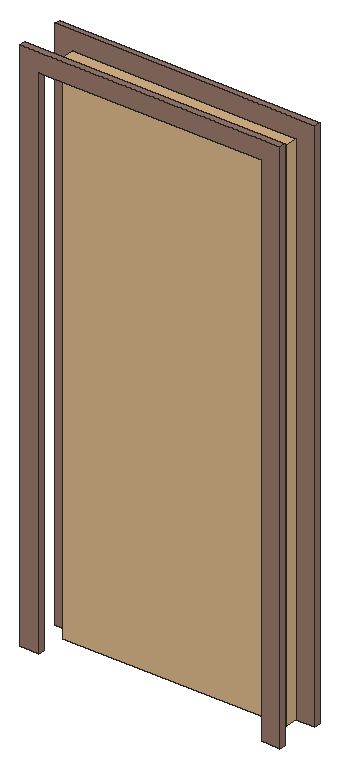
Revit family
Parameters (values of type "0915 x 2134mm")
  Thickness = 51.00 mm
  문 재료 = 문 - 패널
  프레임 재료 = 문 - 프레임
  Height = 2134.00 mm
  난간 폭 - 중심 = 102.00 mm
  상단 패널 = 915.00 mm
  자르기 투영 외부 = 25.00 mm
  자르기 투영 내부 = 25.00 mm
  자르기 폭 외부 = 76.00 mm
  자르기 폭 내부 = 76.00 mm
  Wall Closure = (empty or 0)
  Width = 915.00 mm
Types (7, lengths in mm): name | Height | Width
  0915 x 2134mm | 2134.00 | 915.00
  0864 x 2134mm | 2134.00 | 864.00
  0762 x 2134mm | 2134.00 | 762.00
  0762 x 2032mm | 2032.00 | 762.00
  0915 x 2032mm | 2032.00 | 915.00
  0864 x 2032mm | 2032.00 | 864.00
  0813 x 2134mm | 2134.00 | 813.00
Reference planes
  plane 1: y = 0
  plane 2: z = 0
  plane 3: x = 0
  plane 4: x = -457.5
  plane 5: x = 457.5
  plane 6: z = 2134
Forms (mm)
  Extrusion 1, solid, material "문 - 패널" <- "문 재료"
    sketch origin (-1524, -76.2, 0) x (1, 0, 0) y (0, 0, 1)
      loop
        line (1981.5, 2134) -> (1066.5, 2134) -> (1066.5, 0) -> (1981.5, 0) -> (1981.5, 2134)
    from -152.4 to -101.4
  Extrusion 2, solid, material "문 - 프레임" <- "프레임 재료"
    sketch origin (-1524, -76.2, 0) x (1, 0, 0) y (0, 0, 1)
      loop
        line (990.5, 2210) -> (990.5, 0) -> (1066.5, 0) -> (1066.5, 2134) -> (1981.5, 2134) -> (1981.5, 0) -> (2057.5, 0) -> (2057.5, 2210) -> (990.5, 2210)
    from 0 to 25
  Extrusion 3, solid, material "문 - 프레임" <- "프레임 재료"
    sketch origin (-1524, 76.2, 0) x (-1, 0, 0) y (0, 0, 1)
      loop
        line (-2057.5, 2210) -> (-2057.5, 0) -> (-1981.5, 0) -> (-1981.5, 2134) -> (-1066.5, 2134) -> (-1066.5, 0) -> (-990.5, 0) -> (-990.5, 2210) -> (-2057.5, 2210)
    from 0 to 25
Lines and regions (mm)
  Opening 1
    outline origin (-1524, -76.2, 3657.6) x (0, 0, -1) y (1, 0, 0)
      loop
        line (1523.6, 1066.5) -> (3657.6, 1066.5) -> (3657.6, 1981.5) -> (1523.6, 1981.5) -> (1523.6, 1066.5)
  symbolic lines, style "DoorsPanelProjection"
    curve 1: line (457.5, 76.2, 0) -> (406.5, 76.2, 0)
    curve 2: line (457.5, 76.2, 0) -> (457.5, 991.2, 0)
    curve 3: line (457.5, 991.2, 0) -> (406.5, 991.2, 0)
    curve 4: line (406.5, 76.2, 0) -> (406.5, 991.2, 0)
  symbolic lines, style "평면 스윙"
    curve 5: arc (457.5, 991.2, 0) -> (-189.503, 723.203, 0) -> (-457.5, 76.2, 0) r 915
  symbolic lines, style "파선"
    curve 6: line (457.5, 25.2, 0) -> (406.5, 25.2, 0)
    curve 7: line (457.5, 25.2, 0) -> (457.5, -889.8, 0)
    curve 8: line (457.5, -889.8, 0) -> (406.5, -889.8, 0)
    curve 9: line (406.5, 25.2, 0) -> (406.5, -889.8, 0)
    curve 10: arc (-457.5, 25.2, 0) -> (-189.503, -621.803, 0) -> (457.5, -889.8, 0) r 915
  symbolic lines, style "입면도 스윙"
    curve 11: line (-457.5, 0, 2134) -> (457.5, 0, 1067)
    curve 12: line (457.5, 0, 1067) -> (-457.5, 0, 0)
Dimensions and locks
  equal spacing: plane 4, plane 3, plane 5
  "Width": plane 4 to plane 5
  locked: host wall to curve 1
  locked: host wall to curve 5 at 0
  "Height": plane 6 to plane 2
  "Thickness": curve 4 to plane 5
  "Thickness": Extrusion 1 to Extrusion 1
  "Thickness": Extrusion 1 to host wall
  "자르기 투영 외부": Extrusion 3 to host wall
  "자르기 투영 내부": Extrusion 2 to host wall
  "자르기 폭 내부": Extrusion 2 sketch curve to plane 4
  "자르기 폭 내부": plane 5 to Extrusion 2 sketch curve
  "자르기 폭 내부": Extrusion 2 sketch curve to plane 6
  "자르기 폭 외부": plane 5 to Extrusion 3 sketch curve
  "자르기 폭 외부": Extrusion 3 sketch curve to plane 4
  "자르기 폭 외부": plane 6 to Extrusion 3 sketch curve
  equal spacing: level, curve 12, plane 6
  aligned and locked: plane 5 to Extrusion 1 sketch curve
  aligned and locked: Extrusion 1 sketch curve to plane 6
  aligned and locked: plane 4 to Extrusion 1 sketch curve
  aligned and locked: Extrusion 1 to host wall  (x3)
  aligned and locked: host wall to Extrusion 1
  aligned and locked: curve 6 to Extrusion 1  (x2)
  aligned and locked: curve 1 to curve 9
  aligned and locked: curve 10 to Extrusion 1
Automatic sketch dimensions
  Opening 1 sketch curve to plane 6 = 0.00 mm
  Opening 1 sketch curve to level = 0.00 mm
  Opening 1 sketch curve to plane 4 = 0.00 mm
  Opening 1 sketch curve to plane 5 = 0.00 mm
  curve 5 to plane 4 = 0.00 mm
  curve 10 to plane 4 = 0.00 mm
  curve 3 to plane 5 = 0.00 mm
  Extrusion 2 sketch curve to level = 0.00 mm  (x2)
  Extrusion 2 sketch curve to plane 4 = 0.00 mm
  Extrusion 2 sketch curve to plane 5 = 0.00 mm
  Extrusion 2 sketch curve to plane 6 = 0.00 mm
  Extrusion 3 sketch curve to level = 0.00 mm  (x2)
  Extrusion 3 sketch curve to plane 5 = 0.00 mm
  Extrusion 3 sketch curve to plane 4 = 0.00 mm
  Extrusion 3 sketch curve to plane 6 = 0.00 mm
  Extrusion 1 sketch curve to level = 0.00 mm
  curve 11 to plane 4 = 0.00 mm
  curve 11 to plane 6 = 0.00 mm
  curve 12 to plane 5 = 0.00 mm
  curve 12 to level = 0.00 mm
  curve 12 to plane 4 = 0.00 mm
